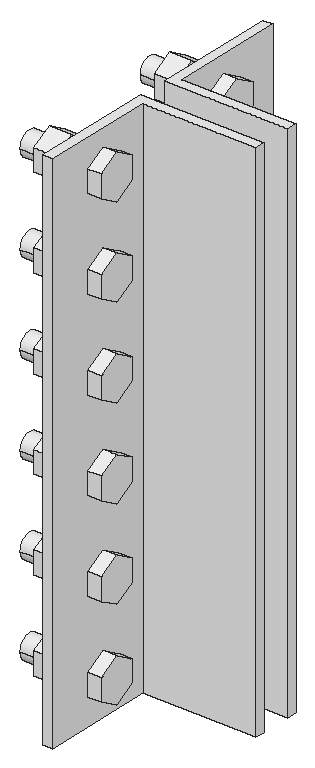
Revit family
Parameters (values of type "L102X102X7.9")
  Weld A Size [instance] = 8 mm
  웨브 두께 [instance] = 25 mm
  Number Of Bolts = 6
  L [instance] = ((Number Of Bolts - 1) * 볼트 간격두기) + (2 * lv)  # 439 mm
  볼트 간격두기 [instance] = 75 mm
  Bolt Size = M_볼트 : M20
  lv = 32 mm
  lh = 50 mm
  Angle Size = M_L-각도-커넥터 : L102X102X7.9
Reference planes
  plane 1 "중심(앞/뒤)": y = 0
  plane 2: z = -439
  plane 3 "중심(왼쪽/오른쪽)": x = 0
  plane 4 "F": y = -12.5
  plane 5 "R": y = 12.5
  plane 6: z = 0
  plane 7: z = -32
  plane 8: z = -407
  plane 9: y = 62.5
  plane 10: y = -62.5
  plane 11: x = 12.7
Lines and regions (mm)
  model lines, style "용접", detail levels medium+fine
    curve 1: line (12.7, -12.5, 0) -> (102, -12.5, 0)
    curve 2: line (102, -12.5, 0) -> (102, -12.5, -439)
    curve 3: line (102, -12.5, -439) -> (12.7, -12.5, -439)
    curve 4: line (12.7, 12.5, 0) -> (102, 12.5, 0)
    curve 5: line (102, 12.5, 0) -> (102, 12.5, -439)
    curve 6: line (102, 12.5, -439) -> (12.7, 12.5, -439)
Dimensions and locks
  "웨브 두께": plane 5 "R" to plane 4 "F"
  equal spacing: plane 5 "R", plane 1 "중심(앞/뒤)", plane 4 "F"
  "L": plane 6 to plane 2
  "lv": plane 6 to plane 7
  "lv": plane 8 to plane 2
  "lh": plane 9 to plane 5 "R"
  "lh": plane 4 "F" to plane 10
  locked: plane 11 to plane 3 "중심(왼쪽/오른쪽)" at 12.7
  locked: level to plane 6 at 0
  equal spacing: group 1, group 3, group 4, group 5, group 6, group 2  (x2)
  equal spacing: group 2, group 6, group 5, group 4, group 3, group 1
  equal spacing: group 7, group 9, group 10, group 11, group 12, group 8  (x2)
  equal spacing: group 8, group 12, group 11, group 10, group 9, group 7
  aligned and locked: plane 3 "중심(왼쪽/오른쪽)" to nested 1
  aligned and locked: nested 1 to plane 5 "R"
  aligned and locked: nested 2 to plane 4 "F"
  aligned and locked: nested 2 to plane 3 "중심(왼쪽/오른쪽)"
  aligned and locked: nested 3 to nested 2
  aligned and locked: nested 3 to plane 7
  aligned and locked: nested 4 to plane 9
  aligned and locked: plane 7 to nested 4
  aligned and locked: plane 10 to nested 3
  aligned and locked: nested 1 to nested 4
  aligned and locked: plane 6 to curve 1
  aligned and locked: curve 2 to nested 1
  aligned and locked: nested 1 to curve 5
  aligned and locked: curve 6 to plane 2
  aligned and locked: plane 6 to curve 4
  aligned and locked: plane 11 to curve 1
  aligned and locked: plane 11 to curve 3
  aligned and locked: plane 11 to curve 6
  aligned and locked: plane 11 to curve 4
  aligned and locked: nested 2 to plane 6
  aligned and locked: nested 1 to plane 6
  aligned and locked: nested 5 to plane 8
  aligned and locked: nested 5 to plane 9
  aligned and locked: nested 1 to nested 5
  aligned and locked: nested 10 to plane 8
  aligned and locked: plane 10 to nested 10
  aligned and locked: nested 10 to nested 2
Automatic sketch dimensions
  curve 3 to plane 2 = 0 mm
Nested families
  nested 1: "M_L-각도-커넥터" at (0, 12.5, -439), type <- "Angle Size", L <- "L", type "L102X102X7.9", detail levels medium+fine
    with L 439 mm
  nested 2: "M_L-각도-커넥터" at (0, -12.5, -439), type <- "Angle Size", L <- "L", type "L102X102X7.9", detail levels medium+fine
    with L 439 mm
  nested 3: "M_볼트" at (7.9, -62.5, -32) x (0, 1, 0) z (0, 0, 1), type <- "Bolt Size", type "M20", detail levels medium+fine
  nested 4: "M_볼트" at (7.9, 62.5, -32) x (0, 1, 0) z (0, 0, 1), type <- "Bolt Size", type "M20", detail levels medium+fine
  nested 5: "M_볼트" at (7.9, 62.5, -407) x (0, 1, 0) z (0, 0, 1), type <- "Bolt Size", type "M20", detail levels medium+fine
  nested 6: "M_볼트" at (7.9, 62.5, -107) x (0, 1, 0) z (0, 0, 1), type <- "Bolt Size", type "M20", detail levels medium+fine
  nested 7: "M_볼트" at (7.9, 62.5, -182) x (0, 1, 0) z (0, 0, 1), type <- "Bolt Size", type "M20", detail levels medium+fine
  nested 8: "M_볼트" at (7.9, 62.5, -257) x (0, 1, 0) z (0, 0, 1), type <- "Bolt Size", type "M20", detail levels medium+fine
  nested 9: "M_볼트" at (7.9, 62.5, -332) x (0, 1, 0) z (0, 0, 1), type <- "Bolt Size", type "M20", detail levels medium+fine
  nested 10: "M_볼트" at (7.9, -62.5, -407) x (0, 1, 0) z (0, 0, 1), type <- "Bolt Size", type "M20", detail levels medium+fine
  nested 11: "M_볼트" at (7.9, -62.5, -107) x (0, 1, 0) z (0, 0, 1), type <- "Bolt Size", type "M20", detail levels medium+fine
  nested 12: "M_볼트" at (7.9, -62.5, -182) x (0, 1, 0) z (0, 0, 1), type <- "Bolt Size", type "M20", detail levels medium+fine
  nested 13: "M_볼트" at (7.9, -62.5, -257) x (0, 1, 0) z (0, 0, 1), type <- "Bolt Size", type "M20", detail levels medium+fine
  nested 14: "M_볼트" at (7.9, -62.5, -332) x (0, 1, 0) z (0, 0, 1), type <- "Bolt Size", type "M20", detail levels medium+fine
Definition of nested family "M_L-각도-커넥터"
  Parameters (values of type "L76X76X6.4")
    t = 6.4 mm
    d = 76.2 mm
    b = 76.2 mm
    W = 0.071
    L [instance] = 445 mm
    Assembly Code = ""
    A = 0.001 m²
  Types (125, lengths in mm): name | t | d | b | W | A
    L51X51X3.2 | 3.2 | 50.8 | 50.8 | 0.024 | 0.00 m²
    L51X51X4.8 | 4.8 | 50.8 | 50.8 | 0.036 | 0.00 m²
    L51X51X6.4 | 6.4 | 50.8 | 50.8 | 0.047 | 0.001 m²
    L51X51X7.9 | 7.9 | 50.8 | 50.8 | 0.058 | 0.001 m²
    L51X51X9.5 | 9.5 | 50.8 | 50.8 | 0.068 | 0.001 m²
    L64X51X4.8 | 4.8 | 63.5 | 50.8 | 0.041 | 0.001 m²
    L64X51X6.4 | 6.4 | 63.5 | 50.8 | 0.053 | 0.001 m²
    L64X51X7.9 | 7.9 | 63.5 | 50.8 | 0.066 | 0.001 m²
    L64X51X9.5 | 9.5 | 63.5 | 50.8 | 0.077 | 0.001 m²
    L64X64X4.8 | 4.8 | 63.5 | 63.5 | 0.045 | 0.001 m²
    L64X64X6.4 | 6.4 | 63.5 | 63.5 | 0.059 | 0.001 m²
    L64X64X7.9 | 7.9 | 63.5 | 63.5 | 0.073 | 0.001 m²
    L64X64X9.5 | 9.5 | 63.5 | 63.5 | 0.086 | 0.001 m²
    L64X64X12.7 | 12.7 | 63.5 | 63.5 | 0.112 | 0.001 m²
    L76X51X4.8 | 4.8 | 76.2 | 50.8 | 0.046 | 0.001 m²
    L76X51X6.4 | 6.4 | 76.2 | 50.8 | 0.06 | 0.001 m²
    L76X51X7.9 | 7.9 | 76.2 | 50.8 | 0.073 | 0.001 m²
    L76X51X9.5 | 9.5 | 76.2 | 50.8 | 0.087 | 0.001 m²
    L76X51X12.7 | 12.7 | 76.2 | 50.8 | 0.112 | 0.001 m²
    L76X64X4.8 | 4.8 | 76.2 | 63.5 | 0.05 | 0.001 m²
    L76X64X6.4 | 6.4 | 76.2 | 63.5 | 0.066 | 0.001 m²
    L76X64X7.9 | 7.9 | 76.2 | 63.5 | 0.081 | 0.001 m²
    L76X64X9.5 | 9.5 | 76.2 | 63.5 | 0.096 | 0.001 m²
    L76X64X11.1 | 11.1 | 76.2 | 63.5 | 0.11 | 0.001 m²
    L76X64X12.7 | 12.7 | 76.2 | 63.5 | 0.124 | 0.002 m²
    L76X76X4.8 | 4.8 | 76.2 | 76.2 | 0.054 | 0.001 m²
    L76X76X6.4 | 6.4 | 76.2 | 76.2 | 0.071 | 0.001 m²
    L76X76X7.9 | 7.9 | 76.2 | 76.2 | 0.088 | 0.001 m²
    L76X76X9.5 | 9.5 | 76.2 | 76.2 | 0.105 | 0.001 m²
    L76X76X11.1 | 11.1 | 76.2 | 76.2 | 0.121 | 0.002 m²
    L76X76X12.7 | 12.7 | 76.2 | 76.2 | 0.136 | 0.002 m²
    L89X64X6.4 | 6.4 | 88.9 | 63.5 | 0.072 | 0.001 m²
    L89X64X7.9 | 7.9 | 88.9 | 63.5 | 0.089 | 0.001 m²
    L89X64X9.5 | 9.5 | 88.9 | 63.5 | 0.105 | 0.001 m²
    L89X64X12.7 | 12.7 | 88.9 | 63.5 | 0.137 | 0.002 m²
    L89X76X6.4 | 6.4 | 88.9 | 76.2 | 0.079 | 0.001 m²
    L89X76X7.9 | 7.9 | 88.9 | 76.2 | 0.097 | 0.001 m²
    L89X76X9.5 | 9.5 | 88.9 | 76.2 | 0.115 | 0.001 m²
    L89X76X11.1 | 11.1 | 88.9 | 76.2 | 0.133 | 0.002 m²
    L89X76X12.7 | 12.7 | 88.9 | 76.2 | 0.15 | 0.002 m²
    L89X89X6.4 | 6.4 | 88.9 | 88.9 | 0.085 | 0.001 m²
    L89X89X7.9 | 7.9 | 88.9 | 88.9 | 0.105 | 0.001 m²
    L89X89X9.5 | 9.5 | 88.9 | 88.9 | 0.124 | 0.002 m²
    L89X89X11.1 | 11.1 | 88.9 | 88.9 | 0.143 | 0.002 m²
    L89X89X12.7 | 12.7 | 88.9 | 88.9 | 0.162 | 0.002 m²
    L102X76X6.4 | 6.4 | 102 | 76.2 | 0.084 | 0.001 m²
    L102X76X7.9 | 7.9 | 102 | 76.2 | 0.104 | 0.001 m²
    L102X76X9.5 | 9.5 | 102 | 76.2 | 0.124 | 0.002 m²
    L102X76X12.7 | 12.7 | 102 | 76.2 | 0.162 | 0.002 m²
    L102X76X15.9 | 15.9 | 102 | 76.2 | 0.198 | 0.003 m²
    L102X89X6.4 | 6.4 | 102 | 88.9 | 0.09 | 0.001 m²
    L102X89X7.9 | 7.9 | 102 | 88.9 | 0.112 | 0.001 m²
    L102X89X9.5 | 9.5 | 102 | 88.9 | 0.133 | 0.002 m²
    L102X89X12.7 | 12.7 | 102 | 88.9 | 0.174 | 0.002 m²
    L102X102X6.4 | 6.4 | 102 | 102 | 0.096 | 0.001 m²
    L102X102X7.9 | 7.9 | 102 | 102 | 0.119 | 0.002 m²
    L102X102X9.5 | 9.5 | 102 | 102 | 0.142 | 0.002 m²
    L102X102X11.1 | 11.1 | 102 | 102 | 0.164 | 0.002 m²
    L102X102X12.7 | 12.7 | 102 | 102 | 0.186 | 0.002 m²
    L102X102X15.9 | 15.9 | 102 | 102 | 0.229 | 0.003 m²
    L102X102X19 | 19.1 | 102 | 102 | 0.27 | 0.004 m²
    L127X76X6.4 | 6.4 | 127 | 76.2 | 0.096 | 0.001 m²
    L127X76X7.9 | 7.9 | 127 | 76.2 | 0.119 | 0.002 m²
    L127X76X9.5 | 9.5 | 127 | 76.2 | 0.142 | 0.002 m²
    L127X76X11.1 | 11.1 | 127 | 76.2 | 0.164 | 0.002 m²
    L127X76X12.7 | 12.7 | 127 | 76.2 | 0.186 | 0.002 m²
    L127X89X6.4 | 6.4 | 127 | 88.9 | 0.103 | 0.001 m²
    L127X89X7.9 | 7.9 | 127 | 88.9 | 0.127 | 0.002 m²
    L127X89X9.5 | 9.5 | 127 | 88.9 | 0.151 | 0.002 m²
    L127X89X12.7 | 12.7 | 127 | 88.9 | 0.199 | 0.003 m²
    L127X89X15.9 | 15.9 | 127 | 88.9 | 0.245 | 0.003 m²
    L127X89X19 | 19.1 | 127 | 88.9 | 0.289 | 0.004 m²
    L127X127X7.9 | 7.9 | 127 | 127 | 0.152 | 0.002 m²
    L127X127X9.5 | 9.5 | 127 | 127 | 0.181 | 0.002 m²
    L127X127X11.1 | 11.1 | 127 | 127 | 0.21 | 0.003 m²
    L127X127X12.7 | 12.7 | 127 | 127 | 0.238 | 0.003 m²
    L127X127X15.9 | 15.9 | 127 | 127 | 0.293 | 0.004 m²
    L127X127X19 | 19.1 | 127 | 127 | 0.346 | 0.005 m²
    L127X127X22.2 | 22.2 | 127 | 127 | 0.398 | 0.005 m²
    L152X89X7.9 | 7.9 | 152 | 88.9 | 0.143 | 0.002 m²
    L152X89X9.5 | 9.5 | 152 | 88.9 | 0.171 | 0.002 m²
    L152X89X12.7 | 12.7 | 152 | 88.9 | 0.224 | 0.003 m²
    L152X102X7.9 | 7.9 | 152 | 102 | 0.15 | 0.002 m²
    L152X102X9.5 | 9.5 | 152 | 102 | 0.179 | 0.002 m²
    L152X102X11.1 | 11.1 | 152 | 102 | 0.208 | 0.003 m²
    L152X102X12.7 | 12.7 | 152 | 102 | 0.236 | 0.003 m²
    L152X102X14.3 | 14.3 | 152 | 102 | 0.264 | 0.003 m²
    L152X102X15.9 | 15.9 | 152 | 102 | 0.291 | 0.004 m²
    L152X102X19 | 19.1 | 152 | 102 | 0.344 | 0.004 m²
    L152X102X22.2 | 22.2 | 152 | 102 | 0.396 | 0.005 m²
    L152X152X7.9 | 7.9 | 152 | 152 | 0.182 | 0.002 m²
    L152X152X9.5 | 9.5 | 152 | 152 | 0.217 | 0.003 m²
    L152X152X11.1 | 11.1 | 152 | 152 | 0.252 | 0.003 m²
    L152X152X12.7 | 12.7 | 152 | 152 | 0.287 | 0.004 m²
    L152X152X14.3 | 14.3 | 152 | 152 | 0.32 | 0.004 m²
    L152X152X15.9 | 15.9 | 152 | 152 | 0.354 | 0.005 m²
    L152X152X19 | 19.1 | 152 | 152 | 0.42 | 0.005 m²
    L152X152X22.2 | 22.2 | 152 | 152 | 0.484 | 0.006 m²
    L152X152X25.4 | 25.4 | 152 | 152 | 0.547 | 0.007 m²
    L178X102X9.5 | 9.5 | 178 | 102 | 0.199 | 0.003 m²
    L178X102X11.1 | 11.1 | 178 | 102 | 0.23 | 0.003 m²
    L178X102X12.7 | 12.7 | 178 | 102 | 0.261 | 0.003 m²
    L178X102X15.9 | 15.9 | 178 | 102 | 0.323 | 0.004 m²
    L178X102X19 | 19.1 | 178 | 102 | 0.382 | 0.005 m²
    L203X102X11.1 | 11.1 | 203 | 102 | 0.254 | 0.003 m²
    L203X102X12.7 | 12.7 | 203 | 102 | 0.288 | 0.004 m²
    L203X102X14.3 | 14.3 | 203 | 102 | 0.322 | 0.004 m²
    L203X102X15.9 | 15.9 | 203 | 102 | 0.356 | 0.005 m²
    L203X102X19 | 19.1 | 203 | 102 | 0.422 | 0.005 m²
    L203X102X22.2 | 22.2 | 203 | 102 | 0.486 | 0.006 m²
    L203X102X25.4 | 25.4 | 203 | 102 | 0.549 | 0.007 m²
    L203X152X11.1 | 11.1 | 203 | 152 | 0.297 | 0.004 m²
    L203X152X12.7 | 12.7 | 203 | 152 | 0.338 | 0.004 m²
    L203X152X14.3 | 14.3 | 203 | 152 | 0.378 | 0.005 m²
    L203X152X15.9 | 15.9 | 203 | 152 | 0.418 | 0.005 m²
    L203X152X19 | 19.1 | 203 | 152 | 0.496 | 0.006 m²
    L203X152X22.2 | 22.2 | 203 | 152 | 0.573 | 0.007 m²
    L203X152X25.4 | 25.4 | 203 | 152 | 0.648 | 0.008 m²
    L203X203X12.7 | 12.7 | 203 | 203 | 0.389 | 0.005 m²
    L203X203X14.3 | 14.3 | 203 | 203 | 0.435 | 0.006 m²
    L203X203X15.9 | 15.9 | 203 | 203 | 0.481 | 0.006 m²
    L203X203X19 | 19.1 | 203 | 203 | 0.572 | 0.007 m²
    L203X203X22.2 | 22.2 | 203 | 203 | 0.661 | 0.009 m²
    L203X203X25.4 | 25.4 | 203 | 203 | 0.749 | 0.01 m²
    L203X203X28.6 | 28.6 | 203 | 203 | 0.835 | 0.011 m²
  Reference planes
    plane 1 "중심(앞/뒤)": y = 0
    plane 2: z = 0
    plane 3 "중심(왼쪽/오른쪽)": x = 0
    plane 4: z = 445
  Forms (mm)
    Sweep 1, solid, material "금속 - 스틸 - ASTM A572 - 경사 50"
      path origin (0, 0, 0) x (1, 0, 0) y (0, 0, 1)
        loop
          line (0, 445) -> (0, 0)
      profile "L-각도-프로파일-중간 : L-각도-프로파일-중간" origin (0, 0, 222.5) x (1, 0, 0) y (0, -1, 0)
        loop
          line (0, -76.2) -> (6.4, -76.2) -> (6.4, -6.4) -> (76.2, -6.4) -> (76.2, 0) -> (0, 0) -> (0, -76.2)
  Dimensions and locks
    "L": plane 4 to plane 2
    aligned and locked: plane 4 to Sweep 1 sketch curve
    aligned and locked: Sweep 1 sketch curve to plane 3 "중심(왼쪽/오른쪽)"
    aligned and locked: plane 2 to Sweep 1 sketch curve
Definition of nested family "M_볼트"
  Parameters (values of type "M20")
    r = D / 2  # 10 mm
    T = 35 mm
    L = 25.4 mm
    HN = 18.7 mm
    H = 11.9 mm
    F = 31.8 mm
    D = 20 mm
    Assembly Code = ""
  Types (10, lengths in mm): name | r | T | HN | H | F | D
    M20 | 10 | 35 | 18.7 | 11.9 | 31.8 | 20
    M22 | 11 | 38.1 | 21.8 | 13.9 | 36.5 | 22
    M16 | 8 | 31.8 | 15.5 | 9.9 | 27 | 16
    M12 | 6 | 25.4 | 12.3 | 7.9 | 22.2 | 12
    M24 | 12 | 41.3 | 25 | 15.5 | 41.3 | 24
    M33 | 16.5 | 57.2 | 21.4 | 21.4 | 55.6 | 33
    M27 | 13.5 | 50.8 | 28.2 | 17.5 | 46 | 27
    M30 | 15 | 50.8 | 31 | 19.8 | 50.8 | 30
    M36 | 18 | 57.2 | 37.3 | 23.8 | 60.3 | 36
    M14 | 7 | 31.8 | 15.5 | 9.9 | 27 | 14
  Reference planes
    plane 1 "중심(앞/뒤)": y = 0
    plane 2: z = 0
    plane 3 "중심(왼쪽/오른쪽)": x = 0
    plane 4: y = 25.4
    plane 5: y = -11.9
    plane 6: y = 44.1
    plane 7: y = 60.4
    plane 8: x = -15.9
    plane 9: x = 15.9
  Forms (mm)
    Extrusion 1, solid, material "금속 - 스틸 - ASTM A572 - 경사 50"
      sketch origin (0, 0, 0) x (1, 0, 0) y (0, 0, 1)
        loop
          circle (0, 0) r 10
      from -60.4 to 0
    Extrusion 2, solid, material "금속 - 스틸 - ASTM A572 - 경사 50"
      sketch origin (0, 0, 0) x (1, 0, 0) y (0, 0, 1)
        loop
          line (-15.9, 9.18) -> (-15.9, -9.18) -> (0, -18.36) -> (15.9, -9.18) -> (15.9, 9.18) -> (0, 18.36) -> (-15.9, 9.18)
      from 0 to 11.9
    Extrusion 3, solid, material "금속 - 스틸 - ASTM A572 - 경사 50"
      sketch origin (107.95, 0, 0) x (1, 0, 0) y (0, 0, 1)
        loop
          line (-123.85, 9.18) -> (-123.85, -9.18) -> (-107.95, -18.36) -> (-92.05, -9.18) -> (-92.05, 9.18) -> (-107.95, 18.36) -> (-123.85, 9.18)
      from -44.1 to -25.4
  Cuts and joins
    joined: Extrusion 1, Extrusion 2, Extrusion 3
  Lines and regions (mm)
    model lines, style "InvisibleLines"
      curve 1: line (15.9, 0, 0) -> (0, 0, 0)
  Dimensions and locks
    "L": plane 4 to plane 1 "중심(앞/뒤)"
    "T": plane 7 to plane 4
    "HN": plane 6 to plane 4
    "H": plane 5 to plane 1 "중심(앞/뒤)"
    "F": plane 9 to plane 8
    equal spacing: plane 9, plane 3 "중심(왼쪽/오른쪽)", plane 8
    "F": Extrusion 2 sketch curve to Extrusion 2 sketch curve  (x2)
    equal spacing: Extrusion 2 sketch curve, level, Extrusion 2 sketch curve
    "r": radius of Extrusion 1 sketch curve
    locked: Extrusion 2 sketch curve to Extrusion 2 sketch curve (angle 120.00°)  (x2)
    aligned and locked: plane 1 "중심(앞/뒤)" to Extrusion 1
    aligned and locked: Extrusion 2 sketch curve to plane 8
    aligned and locked: plane 9 to Extrusion 2 sketch curve
    aligned and locked: Extrusion 2 to plane 1 "중심(앞/뒤)"
    aligned and locked: Extrusion 2 to plane 5
    aligned and locked: curve 1 to Extrusion 1
    aligned and locked: Extrusion 2 to curve 1
    aligned and locked: plane 6 to Extrusion 3
    aligned and locked: Extrusion 3 to plane 4
    aligned and locked: Extrusion 3 sketch curve to Extrusion 2  (x4)
    aligned and locked: plane 9 to Extrusion 3 sketch curve
    aligned and locked: Extrusion 3 sketch curve to plane 8
    aligned and locked: plane 7 to Extrusion 1
  Automatic sketch dimensions
    Extrusion 1 sketch curve to level = 0 mm
    Extrusion 1 sketch curve to plane 3 "중심(왼쪽/오른쪽)" = 0 mm
    Extrusion 2 sketch curve to plane 3 "중심(왼쪽/오른쪽)" = 0 mm  (x2)
    curve 1 to plane 3 "중심(왼쪽/오른쪽)" = 0 mm
